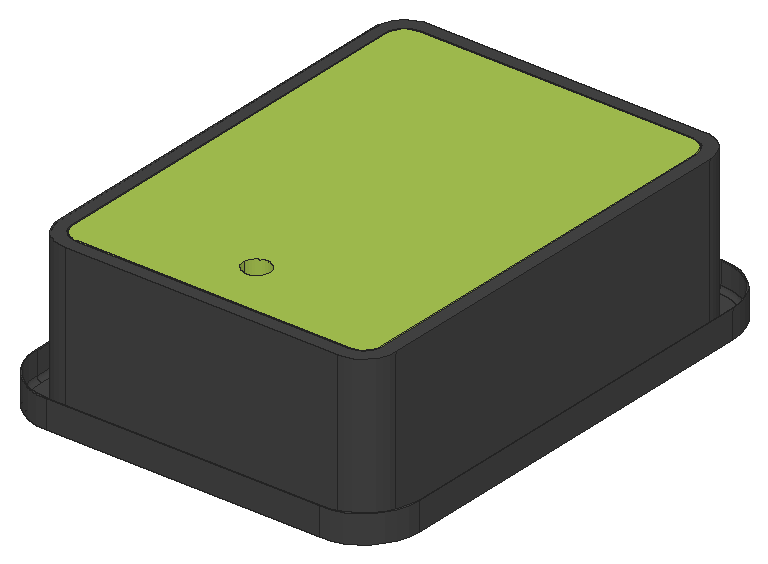
Revit family "VB Series Valves Boxes -  Standerd Extension Valve Box", category Acessórios do tubo, Revit 2020
Family settings
  Cota do conector redondo = Utilizar diâmetro
  Tipo de parte = Normal
  Número OmniClass = 23.60.00.00
  Título OmniClass = General Purpose: Services
  Com base no plano de trabalho = Não
  Sempre na vertical = Sim
  Corte com vazios quando carregada = Não
  Compartilhado = Não
Parameters (values of type "Standard Extension Valve Box")
  x = 7 cm
  DDT4 = 0.1 cm
  URL = "https://www.rainbird.com/"
  Width = 37.5 cm
  SupportProjetos: Reviw Date = ""  # constant formula
  SupportProjetos: Reviw = "R00"  # constant formula
  SupportProjetos: Level of Detail = "LOD300"  # constant formula
  SupportProjetos: Developed = "MICHEL SOARES MOTA"  # constant formula
  SupportProjetos: Creation Date = "05/09/2020"  # constant formula
  RainBird: Product Link = "https://www.rainbird.com/"
  RainBird: Description = "VB Series Valves Boxes -  Satandard  Extension Valve Box"
  RainBird: Comment = ""
  RainBird: Code = "A11420"  # constant formula
  R = 3.5 cm
  Plastic 2 = Green 2
  Plastic 1 = Black
  Open/Close Box [instance] = yes
  Modelo = "VBJMB6EXTB"
  Height = 17.1 cm
  Elevação padrão = 0 cm
  Descrição = RainBird: Description  # "VB Series Valves Boxes -  Satandard  Extension Valve Box"
  DDT8 = 3 cm
  DDT7 = 2 cm
  DDT6 = 1.5 cm
  DDT5 = 2 cm
  DDT3 = Length / 2  # 25.4 cm
  DDT2 = Width / 2  # 18.75 cm
  DDT1 = 0.1 cm
  Length = 50.8 cm
Reference planes (cm)
  plane 1 "Centro (Frente/Trás)": y = 0
  plane 2: z = 0
  plane 3 "Centro (Esquerda/Direita)": x = 0
Forms (cm)
  Sweep 1, solid, material "Black" <- "Plastic 1"
    path origin (0, 0, 0) x (1, 0, 0) y (0, 1, 0)
      loop
        arc (-15.25, 25.4) -> (-17.7249, 24.3749) -> (-18.75, 21.9) r 3.5
        line (-18.75, 21.9) -> (-18.75, -21.9)
        arc (-18.75, -21.9) -> (-17.7249, -24.3749) -> (-15.25, -25.4) r 3.5
        line (-15.25, -25.4) -> (15.25, -25.4)
        arc (15.25, -25.4) -> (17.7249, -24.3749) -> (18.75, -21.9) r 3.5
        line (18.75, -21.9) -> (18.75, 21.9)
        arc (18.75, 21.9) -> (17.7249, 24.3749) -> (15.25, 25.4) r 3.5
        line (15.25, 25.4) -> (-15.25, 25.4)
    profile origin (0, 25.4, 0) x (0, 1, 0) y (0, 0, 1)
      loop
        line (2.7, -17.1) -> (2.7, -14) -> (2.6, -14) -> (2.6, -16.5)
        arc (2.6, -16.5) -> (2.4536, -16.8536) -> (2.1, -17) r 0.5
        line (2.1, -17) -> (0.1, -17) -> (0.1, 0) -> (-1.4, 0) -> (-1.4, -0.1) -> (0, -0.1) -> (0, -17.1) -> (2.7, -17.1)
  Extrusion 2, solid, material "Green 2" <- "Plastic 2", visible <- "Open/Close Box"
    sketch origin (0, 0, 0) x (1, 0, 0) y (0, 1, 0)
      loop
        arc (-17.25, -21.806) -> (-16.6367, -23.2867) -> (-15.156, -23.9) r 2.094
        line (-15.156, -23.9) -> (15.2398, -23.9)
        arc (15.2398, -23.9) -> (16.6612, -23.3112) -> (17.25, -21.8898) r 2.0102
        line (17.25, -21.8898) -> (17.25, 21.8039)
        arc (17.25, 21.8039) -> (16.6361, 23.2861) -> (15.1539, 23.9) r 2.0961
        line (15.1539, 23.9) -> (-15.1224, 23.9)
        arc (-15.1224, 23.9) -> (-16.6268, 23.2768) -> (-17.25, 21.7724) r 2.1276
        line (-17.25, 21.7724) -> (-17.25, -21.806)
    from -2 to 0
  Extrusion 3, void
    sketch origin (-0.0323, -4.1371, 0) x (1, 0, 0) y (0, 1, 0)
      loop
        circle (0, -13.6318) r 1.5
    from -2 to 0
Cuts and joins
  Extrusion 3 cuts Extrusion 2
Dimensions and locks (cm)
  equal spacing: Sweep 1 sketch curve, plane 3 "Centro (Esquerda/Direita)", Sweep 1 sketch curve
  equal spacing: Sweep 1 sketch curve, plane 1 "Centro (Frente/Trás)", Sweep 1 sketch curve
  "Length": Sweep 1 sketch curve to Sweep 1 sketch curve
  "Width": Sweep 1 sketch curve to Sweep 1 sketch curve
  "DDT3": plane 1 "Centro (Frente/Trás)" to Sweep 1 sketch curve
  "Height": level to Sweep 1 sketch curve
  "DDT5": level to Extrusion 2
  "DDT6": Sweep 1 sketch curve to Sweep 1 sketch curve
  "DDT1": Sweep 1 sketch curve to Sweep 1 sketch curve  (x4)
  "DDT4": Sweep 1 to Extrusion 2 sketch curve
  "DDT4": Extrusion 2 sketch curve to Sweep 1  (x3)
  "DDT8": Sweep 1 sketch curve to Sweep 1 sketch curve
  "DDT7": Sweep 1 sketch curve to Sweep 1 sketch curve
  cut or joined group of Extrusion 2, Extrusion 3 to cut or joined group of Extrusion 2, Extrusion 3 = 34.5 cm
  cut or joined group of Extrusion 2, Extrusion 3 to cut or joined group of Extrusion 2, Extrusion 3 = 47.8 cm
  "R": radius of Sweep 1 sketch curve  (x4)
  aligned and locked: level to plane 2
  aligned and locked: level to Extrusion 2
  aligned and locked: Extrusion 2 to Extrusion 3  (x2)
Automatic sketch dimensions
  Extrusion 2 sketch curve to Extrusion 2 sketch curve = 2.094 cm
  Extrusion 2 sketch curve to Extrusion 2 sketch curve = 2.1276 cm
  Extrusion 2 sketch curve to Extrusion 2 sketch curve = 2.0961 cm
  Extrusion 2 sketch curve to Extrusion 2 sketch curve = 2.0102 cm
  Extrusion 3 sketch curve to plane 3 "Centro (Esquerda/Direita)" = 0.0323 cm
  plane 1 "Centro (Frente/Trás)" to Extrusion 3 sketch curve = 17.7689 cm
  Sweep 1 sketch curve to profile plane = 0 cm
  Sweep 1 sketch curve to Sweep 1 sketch curve = 0.5 cm
  radius of Extrusion 3 sketch curve = 1.5 cm
